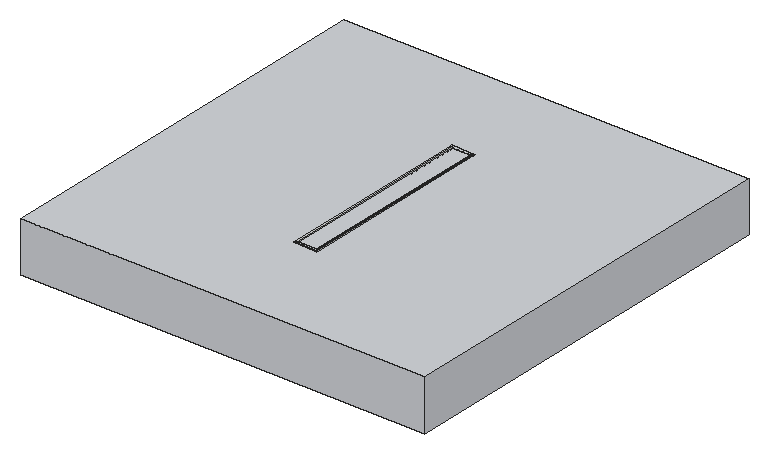
Revit family "LAMP_FIL 120 1162MM OPAL RECESSED", category Luminarias, Revit 2018
Family settings
  Anfitrión = Cara
  Cota de conector redondo = Diámetro de uso
  Tipo de pieza = Normal
  Corte con vacíos al cargar = No
  Origen de luz = Sí
  Compartido = No
  Punto de cálculo de habitación = No
Parameters (values of type "5090LM 3000K  GREY")
  Ángulo de inclinación = -90.00°
  Weight = 4.19 kg
  Wattage = 49.2 W
  Type = "HI POWER PHILIPS"
  built-in parameter 1150107 = 3000 (stored number, unit not read)
  Recessed dimensions = "1174x130x110"
  built-in parameter 1150110 = 1 (stored number, unit not read)
  built-in parameter 1150109 = 1 (stored number, unit not read)
  built-in parameter 1150112 = 1 (stored number, unit not read)
  built-in parameter 1150113 = 1 (stored number, unit not read)
  built-in parameter 1114218 = 1 (stored number, unit not read)
  Protection rating = "IP20"
  Product datasheet = "http://www.lamp.es/product-files/TECH/F121RE12HOOP830NG-EN.pdf"
  Product code = "F121RE12HOOP830NG"
  Product URL = "https://www.lamp.es/en/family/fil-120_33415"
  Power Supply = "220-240V 50/60Hz"
  Power = 45 W
  Plum = 49.2 W
  NOT COVER 2 [instance] = not(END COVER 2)  # no
  NOT COVER 1 [instance] = not(END COVER 1)  # no
  built-in parameter 1150137 = (empty or 0)
  built-in parameter 1150132 = 2
  Model explanation = "Availability of switching between accessories through visibility parameters when placed in a project."
  Material suspension = LAMP_Acero genérico
  Material perfil = LAMP_Aluminio Perfil Fil GR
  Material difusor = LAMP_PC Difusor Opal Fil
  Manufacturer name = "LAMP"
  Manufacturer country = "Spain"
  Manufacturer URL = "http://www.lamp.es/en"
  MacAdam = "3"
  Luminaire type = ""
  Longitud de línea de emisión = 1162 mm
  Last update = "01/02/2022"
  Lamp = "HIGH POWER LED"
  LED Lifetime = "96.000 L90B10"
  built-in parameter 1150105 = 405.22 (stored number, unit not read)
  built-in parameter 1150102 = (empty or 0)
  Insulation class = "I"
  Installation instructions = "https://www.lamp.es/product-files/packed/INS/33416_Fil_120.zip"
  built-in parameter 1150106 = 4.0522 (stored number, unit not read)
  Gear = "Electronic"
  Lumens = 5092.2 lm
  Finish = "Gloss grey"
  Color Filter = 16777215
  built-in parameter 1114217 = 1 (stored number, unit not read)
  built-in parameter 1150139 = (empty or 0)
  Default Elevation = 1219.2 mm
  built-in parameter 1150104 = 9.6155 (stored number, unit not read)
  Efficacy = 103.5 lm/W
  END COVER 2 [instance] = yes
  END COVER 1 [instance] = yes
  Dimensions = "1162x142,5x92"
  built-in parameter 1150115 = 1 (stored number, unit not read)
  built-in parameter 1150114 = 1 (stored number, unit not read)
  built-in parameter 1150138 = (empty or 0)
  built-in parameter 1150134 = 3
  Dimming Lamp Color Temperature Shift = (empty or 0)
  CRI = "80"
  Archivo de red fotométrica = "F121RE12HOOP830NG.IES"
  built-in parameter 1150133 = 10 (stored number, unit not read)
Types (8, lengths in mm): name | built-in parameter 1150107 | Product datasheet | Product code | Material perfil | built-in parameter 1150105 | built-in parameter 1150106 | Gear | Lumens | Finish | built-in parameter 1150104 | Efficacy | Archivo de red fotométrica
  5090LM 3000K DALI GREY | 3000 (stored number, unit not read) | "http://www.lamp.es/product-files/TECH/F121RE12HOOP830DG-EN.pdf" | "F121RE12HOOP830DG" | LAMP_Aluminio Perfil Fil GR | 405.22 (stored number, unit not read) | 4.0522 (stored number, unit not read) | "DALI" | 5092.2 lm | "Gloss grey" | 9.6155 (stored number, unit not read) | 103.5 lm/W | "F121RE12HOOP830NG.IES"
  5090LM 3000K DALI WHITE | 3000 (stored number, unit not read) | "http://www.lamp.es/product-files/TECH/F121RE12HOOP830DW-EN.pdf" | "F121RE12HOOP830DW" | LAMP_Aluminio Perfil Fil BL | 405.22 (stored number, unit not read) | 4.0522 (stored number, unit not read) | "DALI" | 5092.2 lm | "Matte white RAL 9010" | 9.6155 (stored number, unit not read) | 103.5 lm/W | "F121RE12HOOP830NW.IES"
  5090LM 3000K  GREY | 3000 (stored number, unit not read) | "http://www.lamp.es/product-files/TECH/F121RE12HOOP830NG-EN.pdf" | "F121RE12HOOP830NG" | LAMP_Aluminio Perfil Fil GR | 405.22 (stored number, unit not read) | 4.0522 (stored number, unit not read) | "Electronic" | 5092.2 lm | "Gloss grey" | 9.6155 (stored number, unit not read) | 103.5 lm/W | "F121RE12HOOP830NG.IES"
  5090LM 3000K  WHITE | 3000 (stored number, unit not read) | "http://www.lamp.es/product-files/TECH/F121RE12HOOP830NW-EN.pdf" | "F121RE12HOOP830NW" | LAMP_Aluminio Perfil Fil BL | 405.22 (stored number, unit not read) | 4.0522 (stored number, unit not read) | "Electronic" | 5092.2 lm | "Matte white RAL 9010" | 9.6155 (stored number, unit not read) | 103.5 lm/W | "F121RE12HOOP830NW.IES"
  5290LM 4000K DALI GREY | 4000 (stored number, unit not read) | "http://www.lamp.es/product-files/TECH/F121RE12HOOP840DG-EN.pdf" | "F121RE12HOOP840DG" | LAMP_Aluminio Perfil Fil GR | 2106.5 (stored number, unit not read) | 21.065 (stored number, unit not read) | "DALI" | 5289 lm | "Gloss grey" | 9.9871 (stored number, unit not read) | 107.5 lm/W | "F121RE12HOOP840nG.IES"
  5290LM 4000K DALI WHITE | 4000 (stored number, unit not read) | "http://www.lamp.es/product-files/TECH/F121RE12HOOP840DW-EN.pdf" | "F121RE12HOOP840DW" | LAMP_Aluminio Perfil Fil BL | 2106.5 (stored number, unit not read) | 21.065 (stored number, unit not read) | "DALI" | 5289 lm | "Matte white RAL 9010" | 9.9871 (stored number, unit not read) | 107.5 lm/W | "F121RE12HOOP840nW.IES"
  5290LM 4000K  GREY | 4000 (stored number, unit not read) | "http://www.lamp.es/product-files/TECH/F121RE12HOOP840NG-EN.pdf" | "F121RE12HOOP840NG" | LAMP_Aluminio Perfil Fil GR | 2106.5 (stored number, unit not read) | 21.065 (stored number, unit not read) | "Electronic" | 5289 lm | "Gloss grey" | 9.9871 (stored number, unit not read) | 107.5 lm/W | "F121RE12HOOP840NG.IES"
  5290LM 4000K  WHITE | 4000 (stored number, unit not read) | "http://www.lamp.es/product-files/TECH/F121RE12HOOP840NW-EN.pdf" | "F121RE12HOOP840NW" | LAMP_Aluminio Perfil Fil BL | 2106.5 (stored number, unit not read) | 21.065 (stored number, unit not read) | "Electronic" | 5289 lm | "Matte white RAL 9010" | 9.9871 (stored number, unit not read) | 107.5 lm/W | "F121RE12HOOP840NW.IES"
Reference planes
  plane 1 "Centro (Frontal/Posterior)": y = 0
  plane 2: z = 0
  plane 3 "Centro (Izquierda/Derecha)": x = 0
Forms (mm)
  Extrusion 1, solid
    sketch origin (0, 0, 0) x (1, 0, 0) y (0, 1, 0)
      loop
        line (-1219.2, 1219.2) -> (-1219.2, -1219.2) -> (1219.2, -1219.2) -> (1219.2, 1219.2) -> (-1219.2, 1219.2)
    from 0 to -304.8
  Extrusion 2, solid, material "LAMP_Aluminio Perfil Fil GR" <- "Material perfil"
    sketch origin (0, 0, -330) x (1, 0, 0) y (0, 0, 1)
      loop
        line (-60, 240) -> (60, 240) -> (60, 330) -> (71.25, 330) -> (71.25, 332) -> (58.25, 332) -> (58.25, 324) -> (52, 324) -> (52, 322) -> (50, 322) -> (50, 320) -> (58.25, 320) -> (58.25, 242) -> (0, 242) -> (-58.25, 242) -> (-58.25, 320) -> (-50, 320) -> (-50, 322) -> (-52, 322) -> (-52, 324) -> (-58.25, 324) -> (-58.25, 332) -> (-71.25, 332) -> (-71.25, 330) -> (-60, 330) -> (-60, 240)
    from -581 to 581
  Extrusion 3, solid, material "LAMP_PC Difusor Opal Fil" <- "Material difusor"
    sketch origin (0, 0, -330) x (1, 0, 0) y (0, 0, 1)
      loop
        line (-52, 324) -> (-52, 322) -> (52, 322) -> (52, 324) -> (-52, 324)
    from -581 to 581
Text (mm)
  text "Any modification of the parameters and properties of the LAMP BIM models must be executed and validated by the LAMP technical department.\nPhone: +34 93 736 68 00\nE-mail: lamp@lamp.es\n\nLAMP reserves the right to modify the technical specifications of its products." at (-2377.104, -7012.977, -2722.049), in view "Preview"
Dimensions and locks
  aligned and locked: plane 2 to Extrusion 1
  aligned and locked: level to Extrusion 1
  aligned and locked: Extrusion 3 to Extrusion 2
  aligned and locked: Extrusion 1 to imposter light
Nested families
  nested 1: "LAMP_FIL 120 END COVER RECESSED" at (0, -582.5, -90), visible <- "END COVER 2", type "GREY"
  nested 2: "LAMP_FIL 120 END COVER RECESSED" at (0, 582.5, -90) x (-1, 0, 0) z (0, 0, 1), visible <- "END COVER 1", type "GREY"
Connectors
  electrical at (0, 0, -90)
    settings: on Extrusion 2, index 1, voltage 230 V, apparent load 0 VA, apparent load phase1 0 VA, apparent load phase2 0 VA, apparent load phase3 0 VA, power factor 1, load classification "Otro", number of poles 1, system type 31, power factor state 1, is connector primary yes, connector utility no, sub classification motor no, connector description ""
Definition of nested family "LAMP_FIL 120 END COVER RECESSED"
  Parameters (values of type "WHITE")
    Material tapa = none
  Types (3): name
    (no name)
    GREY
    WHITE
  Reference planes
    plane 1 "Centro (Frontal/Posterior)": y = 0
    plane 2: z = 0
    plane 3 "Centro (Izquierda/Derecha)": x = 0
  Forms (mm)
    Extrusion 1, solid, material <- "Material tapa"
      sketch origin (0, 0, 76.8) x (0, -1, 0) y (0, 0, -1)
        loop
          line (1.5, -13.2) -> (1.5, 76.8) -> (-1.5, 76.8) -> (-1.5, -15.2) -> (12.3, -15.2) -> (12.3, -13.2) -> (1.5, -13.2)
      from -71.3 to 71.3
    Extrusion 2, void
      sketch origin (0, 0, 0) x (1, 0, 0) y (0, 0, 1)
        loop
          line (72.3, 90) -> (60, 90) -> (60, 0) -> (72.3, 0) -> (72.3, 90)
      from -23.5 to 23.5
    Extrusion 3, void
      sketch origin (0, 0, 0) x (1, 0, 0) y (0, 0, 1)
        loop
          line (-72.3, 90) -> (-72.3, 0) -> (-60, 0) -> (-60, 90) -> (-72.3, 90)
      from -23.5 to 23.5
  Cuts and joins
    Extrusion 2, Extrusion 3 cuts Extrusion 1
  Dimensions and locks
    aligned and locked: level to plane 2
